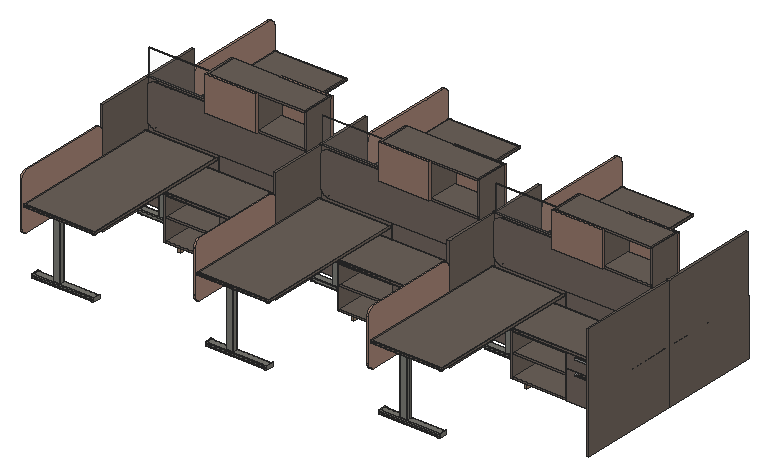
Revit family "T200210", category Furniture, Revit 2018 (continued)
Definition of nested family "STAKS FROSTED ACRYLIC PRIVACY PANEL"
  Types (38): name | Width | Model | Height From Floor | Height | Description
    STAKS FROSTED ACRYLIC PRIVACY PANEL 46 x 13 | 3' - 10" | "6-PVPA-46/13" | 4' - 11" | 1' - 1" | "OFS STAKS FROSTED ACRYLIC PRIVACY PANEL 46 x 13, Recessed 1.5\" Inside Wall Panel"
    STAKS FROSTED ACRYLIC PRIVACY PANEL 47 x 13 | 3' - 11" | "6-PVPA-47/13" | 4' - 11" | 1' - 1" | "OFS STAKS FROSTED ACRYLIC PRIVACY PANEL 47 x 13, Recessed 1.5\" Inside Wall Panel"
    STAKS FROSTED ACRYLIC PRIVACY PANEL 48 x 13 | 4' - 0" | "6-PVPA-48/13" | 4' - 11" | 1' - 1" | "OFS STAKS FROSTED ACRYLIC PRIVACY PANEL 48 x 13, Recessed 1.5\" Inside Wall Panel"
    STAKS FROSTED ACRYLIC PRIVACY PANEL 51 x 13 | 4' - 3" | "6-PVPA-51/13" | 4' - 11" | 1' - 1" | "OFS STAKS FROSTED ACRYLIC PRIVACY PANEL 51 x 13, Recessed 1.5\" Inside Wall Panel"
    STAKS FROSTED ACRYLIC PRIVACY PANEL 53 x 13 | 4' - 5" | "6-PVPA-53/13" | 4' - 11" | 1' - 1" | "OFS STAKS FROSTED ACRYLIC PRIVACY PANEL 53 x 13, Recessed 1.5\" Inside Wall Panel"
    STAKS FROSTED ACRYLIC PRIVACY PANEL 55 x 13 | 4' - 7" | "6-PVPA-55/13" | 4' - 11" | 1' - 1" | "OFS STAKS FROSTED ACRYLIC PRIVACY PANEL 55 x 13, Recessed 1.5\" Inside Wall Panel"
    STAKS FROSTED ACRYLIC PRIVACY PANEL 57 x 13 | 4' - 9" | "6-PVPA-57/13" | 4' - 11" | 1' - 1" | "OFS STAKS FROSTED ACRYLIC PRIVACY PANEL 57 x 13, Recessed 1.5\" Inside Wall Panel"
    STAKS FROSTED ACRYLIC PRIVACY PANEL 58 x 13 | 4' - 10" | "6-PVPA-58/13" | 4' - 11" | 1' - 1" | "OFS STAKS FROSTED ACRYLIC PRIVACY PANEL 58 x 13, Recessed 1.5\" Inside Wall Panel"
  Reference planes (in)
    plane 1: z = 0
    plane 2 "Center (Front/Back)": y = 2.75035
    plane 3 "LEFT": x = -28
    plane 4 "BASE TOP": z = 56
    plane 5 "RIGHT": x = -5
    plane 6: z = 46
    plane 7: y = 2.87535
    plane 8 "CENTER": x = -16.5
    plane 9: y = 2.62535
  Forms (in)
    Extrusion 1, solid, material <- "Shelf Material"
      sketch origin (0, 2.75035, 0) x (1, 0, 0) y (0, 0, 1)
        loop
          line (-28, 56) -> (-28, 46) -> (-5, 46) -> (-5, 56) -> (-28, 56)
      from -0.125 to 0.125
  Dimensions and locks (in)
    "Height From Floor": plane 4 "BASE TOP" to plane 1
    "Height": plane 4 "BASE TOP" to plane 6
    equal spacing: plane 3 "LEFT", plane 8 "CENTER", plane 5 "RIGHT"
    equal spacing: plane 9, plane 2 "Center (Front/Back)", plane 7
    "Width": plane 3 "LEFT" to plane 5 "RIGHT"
    "Depth": plane 9 to plane 7
    aligned and locked: level to plane 1
    aligned and locked: Extrusion 1 sketch curve to plane 4 "BASE TOP"
    aligned and locked: plane 3 "LEFT" to Extrusion 1 sketch curve
    aligned and locked: Extrusion 1 sketch curve to plane 6
    aligned and locked: Extrusion 1 sketch curve to plane 5 "RIGHT"
    aligned and locked: Extrusion 1 to plane 7
    aligned and locked: plane 9 to Extrusion 1
Definition of nested family "STAKS I-BEAM SUPPORTS"
  Parameters (values of type "STAKS I-BEAM SUPPORT 16")
    URL = "http://www.ofs.com/"
    Cushion Thickness = 0' - 3 1/2"
    Support Material = none
    Model = "6-RSR-16/16"
    Manufacturer = "OFS"
    Height = 0' - 0"
    Description = "OFS STAKS I-BEAM SUPPORT 16\" Width, x 16\" Depth, Allows for Ideal Position Facilitating a Balanced Leg Design"
    Width = 1' - 4"
    Depth = 1' - 4"
    Copyright © = "© 2018 OFS"
    Catalog = "https://ofs.com/products/casegoods/private-office/staks"
    Authoring Version = "Autodesk Revit Architecture 2013"
    Assembly Code = "E2020200"
  Types (12): name | Model | Description | Width
    STAKS I-BEAM SUPPORT 16 | "6-RSR-16/16" | "OFS STAKS I-BEAM SUPPORT 16\" Width, x 16\" Depth, Allows for Ideal Position Facilitating a Balanced Leg Design" | 1' - 4"
    STAKS I-BEAM SUPPORT 22 | "6-RSR-22/16" | "OFS STAKS I-BEAM SUPPORT 22\" Width, x 16\" Depth, Allows for Ideal Position Facilitating a Balanced Leg Design" | 1' - 10"
    STAKS I-BEAM SUPPORT 28 | "6-RSR-28/16" | "OFS STAKS I-BEAM SUPPORT 28\" Width, x 16\" Depth, Allows for Ideal Position Facilitating a Balanced Leg Design" | 2' - 4"
    STAKS I-BEAM SUPPORT 40 | "6-RSR-40/16" | "OFS STAKS I-BEAM SUPPORT 40\" Width, x 16\" Depth, Allows for Ideal Position Facilitating a Balanced Leg Design" | 3' - 4"
    STAKS I-BEAM SUPPORT 42 | "6-RSR-42/16" | "OFS STAKS I-BEAM SUPPORT 42\" Width, x 16\" Depth, Allows for Ideal Position Facilitating a Balanced Leg Design" | 3' - 6"
    STAKS I-BEAM SUPPORT 48 | "6-RSR-48/16" | "OFS STAKS I-BEAM SUPPORT 48\" Width, x 16\" Depth, Allows for Ideal Position Facilitating a Balanced Leg Design" | 4' - 0"
    STAKS I-BEAM SUPPORT 52 | "6-RSR-52/16" | "OFS STAKS I-BEAM SUPPORT 52\" Width, x 16\" Depth, Allows for Ideal Position Facilitating a Balanced Leg Design" | 4' - 4"
    STAKS I-BEAM SUPPORT 62 | "6-RSR-62/16" | "OFS STAKS I-BEAM SUPPORT 62\" Width, x 16\" Depth, Allows for Ideal Position Facilitating a Balanced Leg Design" | 5' - 2"
    STAKS I-BEAM SUPPORT 64 | "6-RSR-64/16" | "OFS STAKS I-BEAM SUPPORT 64\" Width, x 16\" Depth, Allows for Ideal Position Facilitating a Balanced Leg Design" | 5' - 4"
    STAKS I-BEAM SUPPORT 70 | "6-RSR-70/16" | "OFS STAKS I-BEAM SUPPORT 70\" Width, x 16\" Depth, Allows for Ideal Position Facilitating a Balanced Leg Design" | 5' - 10"
    STAKS I-BEAM SUPPORT 76 | "6-RSR-76/16" | "OFS STAKS I-BEAM SUPPORT 76\" Width, x 16\" Depth, Allows for Ideal Position Facilitating a Balanced Leg Design" | 6' - 4"
    STAKS I-BEAM SUPPORT 82 | "6-RSR-82/16" | "OFS STAKS I-BEAM SUPPORT 82\" Width, x 16\" Depth, Allows for Ideal Position Facilitating a Balanced Leg Design" | 6' - 10"
  Reference planes (in)
    plane 1: z = 0
    plane 2 "Right": x = 20.97711
    plane 3: x = 12.97711
    plane 4: y = 8.62535
    plane 5: y = 4.00035
    plane 6: y = 20.00035
    plane 7: x = 28.97711
    plane 8: y = 15.37535
    plane 9: z = 0
    plane 10: z = 3.5
    plane 11: x = 13.97711
    plane 12: x = 27.97711
    plane 13: y = 14.37535
    plane 14: y = 9.62535
  Forms (in)
    Extrusion 1, solid, material <- "Support Material"
      sketch origin (0, 0, 0) x (1, 0, 0) y (0, 1, 0)
        loop
          line (13.97711, 15.37535) -> (13.97711, 20.00035) -> (12.97711, 20.00035) -> (12.97711, 4.00035) -> (13.97711, 4.00035) -> (13.97711, 8.62535) -> (27.97711, 8.62535) -> (27.97711, 4.00035) -> (28.97711, 4.00035) -> (28.97711, 20.00035) -> (27.97711, 20.00035) -> (27.97711, 15.37535) -> (13.97711, 15.37535)
        loop
          line (13.97711, 14.37535) -> (13.97711, 9.62535) -> (27.97711, 9.62535) -> (27.97711, 14.37535) -> (13.97711, 14.37535)
      from 0 to 3.5
  Dimensions and locks (in)
    plane 5 to plane 4 to plane 14 = 0' - 4 5/8" locked, 0' - 1" locked
    "Width": plane 3 to plane 7
    equal spacing: plane 3, plane 2 "Right", plane 7
    plane 13 to plane 8 to plane 6 = 0' - 1" locked, 0' - 4 5/8" locked
    "Depth": plane 5 to plane 6
    "Cushion Thickness": plane 10 to plane 9
    "Height": plane 9 to level
    locked: plane 3 to plane 11 at 1
    locked: plane 12 to plane 7 at 1
    aligned and locked: level to plane 1
    aligned and locked: plane 8 to Extrusion 1 sketch curve
    aligned and locked: plane 13 to Extrusion 1 sketch curve
    aligned and locked: Extrusion 1 sketch curve to plane 12  (x2)
    aligned and locked: plane 6 to Extrusion 1 sketch curve  (x2)
    aligned and locked: Extrusion 1 sketch curve to plane 7
    aligned and locked: plane 12 to Extrusion 1 sketch curve
    aligned and locked: Extrusion 1 sketch curve to plane 4
    aligned and locked: Extrusion 1 sketch curve to plane 11  (x2)
    aligned and locked: Extrusion 1 sketch curve to plane 5
    aligned and locked: plane 3 to Extrusion 1 sketch curve
    aligned and locked: plane 11 to Extrusion 1 sketch curve
    aligned and locked: plane 14 to Extrusion 1 sketch curve
    aligned and locked: plane 10 to Extrusion 1
    aligned and locked: Extrusion 1 to plane 9
  Automatic sketch dimensions
    plane 5 to Extrusion 1 sketch curve = 0' - 0"
Definition of nested family "STAKS LOW HEIGHT OPEN SHELF PEDESTAL - WITH RISER SUPPORT"
  Parameters (values of type "STAKS LOW HEIGHT OPEN SHELF PEDESTAL - WITH RISER SUPPORT 24 x 19")
    URL = "http://www.ofs.com/"
    Riser Support = 0' - 3 1/2"
    Model = "6-RL2419MPD6"
    Manufacturer = "OFS"
    Height = 1' - 6 3/8"
    Drawer Material = none
    Drawer Handle Width = 0' - 5.2495"
    Drawer Handle Material = none
    Description = "OFS STAKS LOW HEIGHT OPEN SHELF PEDESTAL - WITH RISER SUPPORT 24\"W x 19\" D, One Adjustable Shelf, One Stationary Shelf, Use with 22\"D Worksurfaces"
    Width = 2' - 0"
    Depth = 1' - 7 3/8"
    DH2 = 0' - 6 1/2"
    DH1 = 0' - 10"
    Copyright © = "© 2018 OFS"
    Chasis Material = none
    Catalog = "https://ofs.com/products/casegoods/private-office/staks"
    Board Thickness = 0' - 0 3/4"
    Authoring Version = "Autodesk Revit Architecture 2013"
    Assembly Code = "E2020200"
  Types (6): name | Model | Drawer Handle Width | Description | Width | Depth
    STAKS LOW HEIGHT OPEN SHELF PEDESTAL - WITH RISER SUPPORT 24 x 19 | "6-RL2419MPD6" | 0' - 5.2495" | "OFS STAKS LOW HEIGHT OPEN SHELF PEDESTAL - WITH RISER SUPPORT 24\"W x 19\" D, One Adjustable Shelf, One Stationary Shelf, Use with 22\"D Worksurfaces" | 2' - 0" | 1' - 7 3/8"
    STAKS LOW HEIGHT OPEN SHELF PEDESTAL - WITH RISER SUPPORT 24 x 22 | "6-RL2422MPD6" | 0' - 5 1/4" | "OFS STAKS LOW HEIGHT OPEN SHELF PEDESTAL - WITH RISER SUPPORT 24\"W x 22\" D, One Adjustable Shelf, One Stationary Shelf, Use with 22\"D Worksurfaces" | 2' - 0" | 1' - 9 7/8"
    STAKS LOW HEIGHT OPEN SHELF PEDESTAL - WITH RISER SUPPORT 30 x 19 | "6-RL3019MPD6" | 0' - 5 1/4" | "OFS STAKS LOW HEIGHT OPEN SHELF PEDESTAL - WITH RISER SUPPORT 30\"W x 19\" D, One Adjustable Shelf, One Stationary Shelf, Use with 22\"D Worksurfaces" | 2' - 6" | 1' - 7 3/8"
    STAKS LOW HEIGHT OPEN SHELF PEDESTAL - WITH RISER SUPPORT 30 x 22 | "6-RL3022MPD6" | 0' - 5 1/4" | "OFS STAKS LOW HEIGHT OPEN SHELF PEDESTAL - WITH RISER SUPPORT 30\"W x 22\" D, One Adjustable Shelf, One Stationary Shelf, Use with 22\"D Worksurfaces" | 2' - 6" | 1' - 9 7/8"
    STAKS LOW HEIGHT OPEN SHELF PEDESTAL - WITH RISER SUPPORT 36 x 22 | "6-RL3622MPD6" | 0' - 5 1/4" | "OFS STAKS LOW HEIGHT OPEN SHELF PEDESTAL - WITH RISER SUPPORT 36\"W x 22\" D, One Adjustable Shelf, One Stationary Shelf, Use with 22\"D Worksurfaces" | 3' - 0" | 1' - 9 7/8"
    STAKS LOW HEIGHT OPEN SHELF PEDESTAL - WITH RISER SUPPORT 36 x 19 | "6-RL2419MPD6" | 0' - 5 1/4" | "OFS STAKS LOW HEIGHT OPEN SHELF PEDESTAL - WITH RISER SUPPORT 36\"W x 19\" D, One Adjustable Shelf, One Stationary Shelf, Use with 22\"D Worksurfaces" | 3' - 0" | 1' - 7 3/8"
  Reference planes (in)
    plane 1: z = 0
    plane 2 "Right": x = 20.97711
    plane 3: z = 21.875
    plane 4: z = 13.5
    plane 5: z = 13.375
    plane 6: z = 3.5
    plane 7: z = 13.125
    plane 8: z = 21.625
    plane 9: z = 12.656
    plane 10: z = 21.15625
    plane 11: x = 8.97711
    plane 12: y = 1.37535
    plane 13: y = 0.62535
    plane 14: x = 9.03961
    plane 15: x = 32.91411
    plane 16: x = 9.72711
    plane 17: y = 20.00035
    plane 18: x = 32.97711
    plane 19: x = 32.22711
    plane 20: y = -0.18715
    plane 21: y = -0.37465
    plane 22: z = 20
    plane 23: z = 19.875
    plane 24: z = 19.625
    plane 25: z = 19.156
    plane 26: z = 3.75
    plane 27: y = 19.25035
    plane 28: z = 4.25
    plane 29: y = 16.75035
    plane 30: y = 4.37535
    plane 31: y = 8.37535
    plane 32: y = 12.75035
    plane 33: y = 5.00035
    plane 34: y = 13.37535
    plane 35: z = 22
    plane 36: z = 20.375
    plane 37: x = 21.35211
    plane 38: x = 20.60211
    plane 39: x = 21.00836
    plane 40: x = 20.94586
    plane 41: x = 14.99274
    plane 42: x = 17.61749
    plane 43: x = 12.36799
    plane 44: x = 12.74299
    plane 45: x = 17.24249
    plane 46: x = 26.96124
    plane 47: x = 24.33649
    plane 48: x = 29.58599
    plane 49: x = 29.21099
    plane 50: x = 24.71149
  Forms (in)
    Extrusion 1, solid, material <- "Chasis Material"
      sketch origin (-3, -1.24965, 0) x (1, 0, 0) y (0, 0, 1)
        loop
          line (11.97711, 3.5) -> (12.72711, 3.5) -> (12.72711, 21.875) -> (11.97711, 21.875) -> (11.97711, 3.5)
      from -21.25 to -2.625
    Extrusion 2, solid, material <- "Chasis Material"
      sketch origin (19.35211, 31.02324, 0) x (0, 1, 0) y (0, 0, 1)
        loop
          line (-11.77289, 3.5) -> (-11.02289, 3.5) -> (-11.02289, 21.875) -> (-11.77289, 21.875) -> (-11.77289, 3.5)
      from -9.625 to 12.875
    Extrusion 3, solid, material <- "Chasis Material"
      sketch origin (0, 0, 0) x (1, 0, 0) y (0, 1, 0)
        loop
          line (32.97711, 20.00035) -> (32.22711, 20.00035) -> (32.22711, 1.37535) -> (32.97711, 1.37535) -> (32.97711, 20.00035)
      from 3.5 to 21.875
    Extrusion 4, solid, material <- "Chasis Material"
      sketch origin (-29.79592, -1.62465, 7.24693) x (1, 0, 0) y (0, 0, 1)
        loop
          line (39.52304, 13.90932) -> (62.02304, 13.90932) -> (62.02304, 14.62807) -> (39.52304, 14.62807) -> (39.52304, 13.90932)
      from -20.875 to -3
    Extrusion 5, solid, material <- "Chasis Material"
      sketch origin (-31.5409, -1.62465, -42.72261) x (1, 0, 0) y (0, 0, 1)
        loop
          line (41.26801, 46.22261) -> (63.76801, 46.22261) -> (63.76801, 46.97261) -> (41.26801, 46.97261) -> (41.26801, 46.22261)
      from -20.875 to -3
    Extrusion 6, solid
      sketch origin (0, 0, 0) x (1, 0, 0) y (0, 1, 0)
        loop
          line (9.03961, 20.00035) -> (9.03961, 1.62535) -> (32.91411, 1.62535) -> (32.91411, 20.00035) -> (9.03961, 20.00035)
        loop
          line (32.22711, 2.37535) -> (32.22711, 10.12535) -> (9.72711, 10.12535) -> (9.72711, 2.37535) -> (32.22711, 2.37535)
        loop
          line (32.22711, 10.75035) -> (32.22711, 19.25035) -> (9.72711, 19.25035) -> (9.72711, 10.75035) -> (32.22711, 10.75035)
      from 21.875 to 22
    Extrusion 7, solid, material <- "Chasis Material"
      sketch origin (41.95422, 1.87535, 0) x (-1, 0, 0) y (0, 0, -1)
        loop
          line (9.72711, -13.375) -> (32.22711, -13.375) -> (32.22711, -12.656) -> (9.72711, -12.656) -> (9.72711, -13.375)
      from -17.375 to 0.5
  Dimensions and locks (in)
    "Board Thickness": plane 13 to plane 12
    locked: plane 11 to plane 14 at 0.0625
    "Board Thickness": plane 11 to plane 16
    locked: plane 15 to plane 18 at 0.063
    "Width": plane 11 to plane 18
    Extrusion 3 sketch curve to plane 18 = 0' - 0 3/4"
    "Board Thickness": plane 19 to plane 18
    equal spacing: plane 11, plane 2 "Right", plane 18
    plane 21 to plane 20 to plane 13 = 0' - 0 3/16" locked, 0' - 0 13/16" locked
    "Riser Support": plane 6 to level
    "Height": plane 3 to plane 6
    "DH1": plane 4 to plane 6
    "DH2": plane 22 to plane 4
    locked: plane 26 to plane 6 at 0.25
    "Board Thickness": plane 27 to plane 17
    "Depth": plane 13 to plane 17
    plane 4 to plane 5 to plane 7 to plane 9 = 0' - 0 1/8" locked, 0' - 0 1/4" locked, 0' - 0.469" locked
    plane 22 to plane 23 to plane 24 to plane 25 = 0' - 0 1/8" locked, 0' - 0 1/4" locked, 0' - 0.469" locked
    plane 3 to plane 8 to plane 10 = 0' - 0 1/4" locked, 0' - 0 15/32" locked
    "Board Thickness": plane 28 to plane 6
    plane 12 to plane 30 to plane 31 = 0' - 3" locked, 0' - 4" locked
    plane 32 to plane 29 to plane 27 = 0' - 4" locked, 0' - 2 1/2" locked
    locked: plane 30 to plane 33 at 0.625
    locked: plane 32 to plane 34 at 0.625
    locked: plane 35 to plane 3 at 0.125
    "Board Thickness": plane 36 to plane 24
    equal spacing: plane 38, plane 2 "Right", plane 37
    "Board Thickness": plane 38 to plane 37
    equal spacing: plane 40, plane 2 "Right", plane 39
    equal spacing: plane 14, plane 41, plane 40
    equal spacing: plane 43, plane 41, plane 42
    "Drawer Handle Width": plane 43 to plane 42
    locked: plane 43 to plane 44 at 0.375
    locked: plane 45 to plane 42 at 0.375
    equal spacing: plane 15, plane 46, plane 39
    equal spacing: plane 48, plane 46, plane 47
    "Drawer Handle Width": plane 48 to plane 47
    locked: plane 48 to plane 49 at 0.375
    locked: plane 50 to plane 47 at 0.375
    aligned and locked: level to plane 1
    aligned and locked: plane 12 to Extrusion 1
    aligned and locked: Extrusion 1 to plane 17
    aligned and locked: Extrusion 2 to plane 16
    aligned and locked: plane 16 to Extrusion 1
    aligned and locked: Extrusion 1 to plane 11
    aligned and locked: Extrusion 2 to plane 17
    aligned and locked: plane 19 to Extrusion 2
    aligned and locked: plane 3 to Extrusion 1
    aligned and locked: plane 3 to Extrusion 2
    aligned and locked: Extrusion 3 to plane 19
    aligned and locked: plane 3 to Extrusion 3
    aligned and locked: Extrusion 3 to plane 6
    aligned and locked: plane 3 to Extrusion 4
    aligned and locked: Extrusion 4 to plane 10
    aligned and locked: plane 19 to Extrusion 4
    aligned and locked: Extrusion 4 to plane 16
    aligned and locked: plane 28 to Extrusion 5
    aligned and locked: Extrusion 5 to plane 6
    aligned and locked: Extrusion 5 to plane 27
    aligned and locked: plane 12 to Extrusion 5
    aligned and locked: plane 19 to Extrusion 5
    aligned and locked: Extrusion 5 to plane 16
    aligned and locked: Extrusion 6 to plane 3
    aligned and locked: plane 35 to Extrusion 6
    aligned and locked: Extrusion 4 to plane 27
    aligned and locked: plane 12 to Extrusion 4
    aligned and locked: Extrusion 7 to plane 9
    aligned and locked: plane 5 to Extrusion 7
    aligned and locked: plane 19 to Extrusion 7
    aligned and locked: Extrusion 7 to plane 27
    aligned and locked: plane 12 to Extrusion 7
    aligned and locked: Extrusion 6 sketch curve to plane 17
    aligned and locked: Extrusion 6 sketch curve to plane 27
    aligned and locked: plane 16 to Extrusion 6 sketch curve
    aligned and locked: plane 19 to Extrusion 6 sketch curve
    aligned and locked: Extrusion 2 to plane 6
    aligned and locked: Extrusion 1 to plane 6
    aligned and locked: Extrusion 7 to plane 16
  Automatic sketch dimensions
    level to Extrusion 1 sketch curve = 0' - 3 1/2"
    Extrusion 1 sketch curve to plane 11 = 0' - 0"
    Extrusion 1 sketch curve to plane 3 = 0' - 0"
    Extrusion 1 sketch curve to plane 16 = 0' - 0"
    level to Extrusion 2 sketch curve = 0' - 3 1/2"
    Extrusion 2 sketch curve to plane 3 = 0' - 0"
    Extrusion 2 sketch curve to plane 17 = 0' - 0"
    plane 27 to Extrusion 2 sketch curve = 0' - 0"
    plane 12 to Extrusion 3 sketch curve = 0' - 0"
    Extrusion 3 sketch curve to plane 18 = 0' - 0"
    plane 17 to Extrusion 3 sketch curve = 0' - 0"
    Extrusion 4 sketch curve to plane 10 = 0' - 0"
    Extrusion 4 sketch curve to plane 16 = 0' - 0"
    Extrusion 4 sketch curve to plane 3 = 0' - 0"
    Extrusion 4 sketch curve to plane 19 = 0' - 0"
    level to Extrusion 5 sketch curve = 0' - 3 1/2"
    Extrusion 5 sketch curve to plane 16 = 0' - 0"
    Extrusion 5 sketch curve to plane 19 = 0' - 0"
    Extrusion 5 sketch curve to plane 28 = 0' - 0"
    Extrusion 7 sketch curve to plane 9 = 0' - 0"
    Extrusion 7 sketch curve to plane 19 = 0' - 0"
    Extrusion 7 sketch curve to plane 37 = 0' - 11 5/8"
    Extrusion 7 sketch curve to plane 5 = 0' - 0"
    Extrusion 6 sketch curve to plane 14 = 0' - 0"
    Extrusion 6 sketch curve to plane 16 = 0' - 0"
    Extrusion 6 sketch curve to plane 19 = 0' - 0"
    Extrusion 6 sketch curve to plane 15 = 0' - 0"
    plane 32 to Extrusion 6 sketch curve = 0' - 2 5/8"
    plane 34 to Extrusion 6 sketch curve = 0' - 2 5/8"
    Extrusion 6 sketch curve to plane 13 = 0' - 1"
    Extrusion 6 sketch curve to plane 12 = 0' - 1"
Definition of nested family "STAKS LOW HEIGHT PEDESTAL WIDE - BOX-FILE - WITH RISER SUPPORT"
  Parameters (values of type "STAKS LOW HEIGHT PEDESTAL WIDE - BOX-FILE - WITH RISER SUPPORT 24in W x 19in D")
    URL = "http://www.ofs.com/"
    Riser Support = 0' - 3 1/2"
    Model = "6-RL2419MPD11"
    Manufacturer = "OFS"
    Height = 1' - 6 3/8"
    Drawer Material = none
    Drawer Handle Width = 1' - 3 1/8"
    Drawer Handle Material = none
    Description = "OFS STAKS LOW HEIGHT PEDESTAL WIDE - BOX-FILE - WITH RISER SUPPORT 24\" Width, 19\" Depth, One Box Drawer, One File Drawer, Use with 22\"D Worksurfaces"
    Width = 2' - 0"
    Depth = 1' - 7 3/8"
    DH2 = 0' - 6 1/2"
    DH1 = 1' - 0 3/8"
    Copyright © = "© 2018 OFS"
    Chasis Material = none
    Catalog = "https://ofs.com/products/casegoods/private-office/staks"
    Board Thickness = 0' - 0 3/4"
    Authoring Version = "Autodesk Revit Architecture 2013"
    Assembly Code = "E2020200"
  Types (6): name | Model | Description | Width | Depth
    STAKS LOW HEIGHT PEDESTAL WIDE - BOX-FILE - WITH RISER SUPPORT 24in W x 19in D | "6-RL2419MPD11" | "OFS STAKS LOW HEIGHT PEDESTAL WIDE - BOX-FILE - WITH RISER SUPPORT 24\" Width, 19\" Depth, One Box Drawer, One File Drawer, Use with 22\"D Worksurfaces" | 2' - 0" | 1' - 7 3/8"
    STAKS LOW HEIGHT PEDESTAL WIDE - BOX-FILE - WITH RISER SUPPORT 24in W x 22in D | "6-RL2422MPD11" | "OFS STAKS LOW HEIGHT PEDESTAL WIDE - BOX-FILE - WITH RISER SUPPORT 24\" Width, 22\" Depth, One Box Drawer, One File Drawer, Use with 22\"D Worksurfaces" | 2' - 0" | 1' - 9 7/8"
    STAKS LOW HEIGHT PEDESTAL WIDE - BOX-FILE - WITH RISER SUPPORT 30in W x 19in D | "6-RL3019MPD11" | "OFS STAKS LOW HEIGHT PEDESTAL WIDE - BOX-FILE - WITH RISER SUPPORT 30\" Width, 19\" Depth, One Box Drawer, One File Drawer, Use with 22\"D Worksurfaces" | 2' - 6" | 1' - 7 3/8"
    STAKS LOW HEIGHT PEDESTAL WIDE - BOX-FILE - WITH RISER SUPPORT 30in W x 22in D | "6-RL3022MPD11" | "OFS STAKS LOW HEIGHT PEDESTAL WIDE - BOX-FILE - WITH RISER SUPPORT 30\" Width, 22\" Depth, One Box Drawer, One File Drawer, Use with 22\"D Worksurfaces" | 2' - 6" | 1' - 9 7/8"
    STAKS LOW HEIGHT PEDESTAL WIDE - BOX-FILE - WITH RISER SUPPORT 36in W x 19in D | "6-RL3619MPD11" | "OFS STAKS LOW HEIGHT PEDESTAL WIDE - BOX-FILE - WITH RISER SUPPORT 36\" Width, 19\" Depth, One Box Drawer, One File Drawer, Use with 22\"D Worksurfaces" | 3' - 0" | 1' - 7 3/8"
    STAKS LOW HEIGHT PEDESTAL WIDE - BOX-FILE - WITH RISER SUPPORT 36in W x 22in D | "6-RL3622MPD11" | "OFS STAKS LOW HEIGHT PEDESTAL WIDE - BOX-FILE - WITH RISER SUPPORT 36\" Width, 22\" Depth, One Box Drawer, One File Drawer, Use with 22\"D Worksurfaces" | 3' - 0" | 1' - 9 7/8"
  Reference planes (in)
    plane 1: z = 0
    plane 2 "Right": x = 20.97711
    plane 3: z = 21.875
    plane 4: z = 15.875
    plane 5: z = 15.75
    plane 6: z = 3.5
    plane 7: z = 15.5
    plane 8: z = 21.625
    plane 9: z = 15.031
    plane 10: z = 21.15625
    plane 11: x = 8.97711
    plane 12: y = 1.37535
    plane 13: y = 0.62535
    plane 14: x = 9.03961
    plane 15: x = 32.91411
    plane 16: x = 9.72711
    plane 17: y = 20.00035
    plane 18: x = 32.97711
    plane 19: x = 32.22711
    plane 20: x = 13.41461
    plane 21: x = 13.78961
    plane 22: x = 28.53961
    plane 23: x = 28.16461
    plane 24: y = -0.18715
    plane 25: y = -0.37465
    plane 26: z = 3.75
    plane 27: y = 19.25035
    plane 28: z = 4.25
    plane 29: y = 16.75035
    plane 30: y = 4.37535
    plane 31: y = 8.37535
    plane 32: y = 12.75035
    plane 33: y = 5.00035
    plane 34: y = 13.37535
    plane 35: z = 22
  Forms (in)
    Extrusion 1, solid, material <- "Drawer Material"
      sketch origin (20.35211, 5, -13.1802) x (0, 1, 0) y (0, 0, 1)
        loop
          line (-4.37465, 28.9302) -> (-4.37465, 16.9302) -> (-3.62465, 16.9302) -> (-3.62465, 28.9302) -> (-4.37465, 28.9302)
      from -11.3125 to 12.562
    Extrusion 2, solid, material <- "Drawer Material"
      sketch origin (20.35211, 2.25, -7.68015) x (0, 1, 0) y (0, 0, 1)
        loop
          line (-1.62465, 29.55515) -> (-1.62465, 23.55515) -> (-0.87465, 23.55515) -> (-0.87465, 29.55515) -> (-1.62465, 29.55515)
      from -11.3125 to 12.562
    Extrusion 3, solid, material <- "Chasis Material"
      sketch origin (-3, -1.24965, 0) x (1, 0, 0) y (0, 0, 1)
        loop
          line (11.97711, 3.5) -> (12.72711, 3.5) -> (12.72711, 21.875) -> (11.97711, 21.875) -> (11.97711, 3.5)
      from -21.25 to -2.625
    Extrusion 4, solid, material <- "Chasis Material"
      sketch origin (19.35211, 31.02324, 0) x (0, 1, 0) y (0, 0, 1)
        loop
          line (-11.77289, 3.5) -> (-11.02289, 3.5) -> (-11.02289, 21.875) -> (-11.77289, 21.875) -> (-11.77289, 3.5)
      from -9.625 to 12.875
    Extrusion 5, solid, material <- "Drawer Handle Material"
      sketch origin (9, 0, 9.60933) x (1, 0, 0) y (0, 1, 0)
        loop
          line (4.41461, 0.62535) -> (4.41461, -0.37465) -> (19.53961, -0.37465) -> (19.53961, 0.62535) -> (19.16461, 0.62535) -> (19.16461, -0.18715) -> (4.78961, -0.18715) -> (4.78961, 0.62535) -> (4.41461, 0.62535)
      from 5.42167 to 5.89067
    Extrusion 6, solid, material <- "Drawer Handle Material"
      sketch origin (9, 0, 20.67137) x (1, 0, 0) y (0, 1, 0)
        loop
          line (4.41461, 0.62535) -> (4.41461, -0.37465) -> (19.53961, -0.37465) -> (19.53961, 0.62535) -> (19.16461, 0.62535) -> (19.16461, -0.18715) -> (4.78961, -0.18715) -> (4.78961, 0.62535) -> (4.41461, 0.62535)
      from 0.48488 to 0.95363
    Extrusion 7, solid, material <- "Chasis Material"
      sketch origin (0, 0, 0) x (1, 0, 0) y (0, 1, 0)
        loop
          line (32.97711, 20.00035) -> (32.22711, 20.00035) -> (32.22711, 1.37535) -> (32.97711, 1.37535) -> (32.97711, 20.00035)
      from 3.5 to 21.875
    Extrusion 8, solid, material <- "Chasis Material"
      sketch origin (-29.79592, -7.12465, 7.24693) x (1, 0, 0) y (0, 0, 1)
        loop
          line (39.52304, 13.90932) -> (62.02304, 13.90932) -> (62.02304, 14.62807) -> (39.52304, 14.62807) -> (39.52304, 13.90932)
      from -26.375 to -8.5
    Extrusion 9, solid, material <- "Chasis Material"
      sketch origin (-31.5409, -1.62465, -42.72261) x (1, 0, 0) y (0, 0, 1)
        loop
          line (41.26801, 46.22261) -> (63.76801, 46.22261) -> (63.76801, 46.97261) -> (41.26801, 46.97261) -> (41.26801, 46.22261)
      from -20.875 to -3
    Extrusion 10, solid
      sketch origin (0, 0, 0) x (1, 0, 0) y (0, 1, 0)
        loop
          line (32.91411, 20.00035) -> (32.22711, 20.00035) -> (32.22711, 1.37535) -> (32.91411, 1.37535) -> (32.91411, 20.00035)
        loop
          line (9.03961, 20.00035) -> (9.03961, 1.37535) -> (9.72711, 1.37535) -> (9.72711, 20.00035) -> (9.03961, 20.00035)
      from 21.875 to 22
  Dimensions and locks (in)
    "Board Thickness": plane 13 to plane 12
    locked: plane 11 to plane 14 at 0.0625
    "Board Thickness": plane 11 to plane 16
    locked: plane 15 to plane 18 at 0.063
    "Width": plane 11 to plane 18
    Extrusion 7 sketch curve to plane 18 = 0' - 0 3/4"
    "Board Thickness": plane 19 to plane 18
    equal spacing: plane 11, plane 2 "Right", plane 18
    locked: plane 20 to plane 21 at 0.375
    locked: plane 23 to plane 22 at 0.375
    equal spacing: plane 20, plane 2 "Right", plane 22
    "Drawer Handle Width": plane 20 to plane 22
    plane 25 to plane 24 to plane 13 = 0' - 0 3/16" locked, 0' - 0 13/16" locked
    "Riser Support": plane 6 to level
    "Height": plane 3 to plane 6
    "DH1": plane 4 to plane 6
    locked: plane 26 to plane 6 at 0.25
    "Board Thickness": plane 27 to plane 17
    "Depth": plane 13 to plane 17
    plane 4 to plane 5 to plane 7 to plane 9 = 0' - 0 1/8" locked, 0' - 0 1/4" locked, 0' - 0.469" locked
    plane 3 to plane 8 to plane 10 = 0' - 0 1/4" locked, 0' - 0 15/32" locked
    "Board Thickness": plane 28 to plane 6
    plane 12 to plane 30 to plane 31 = 0' - 3" locked, 0' - 4" locked
    plane 32 to plane 29 to plane 27 = 0' - 4" locked, 0' - 2 1/2" locked
    locked: plane 30 to plane 33 at 0.625
    locked: plane 32 to plane 34 at 0.625
    locked: plane 35 to plane 3 at 0.125
    aligned and locked: level to plane 1
    aligned and locked: Extrusion 1 to plane 14
    aligned and locked: plane 15 to Extrusion 1
    aligned and locked: Extrusion 2 to plane 12
    aligned and locked: plane 13 to Extrusion 2
    aligned and locked: plane 15 to Extrusion 2
    aligned and locked: Extrusion 2 to plane 14
    aligned and locked: plane 12 to Extrusion 3
    aligned and locked: Extrusion 3 to plane 17
    aligned and locked: Extrusion 4 to plane 16
    aligned and locked: plane 16 to Extrusion 3
    aligned and locked: Extrusion 3 to plane 11
    aligned and locked: Extrusion 4 to plane 17
    aligned and locked: Extrusion 1 sketch curve to plane 12
    aligned and locked: plane 13 to Extrusion 1 sketch curve
    aligned and locked: plane 19 to Extrusion 4
    aligned and locked: plane 3 to Extrusion 3
    aligned and locked: Extrusion 6 to plane 22
    aligned and locked: Extrusion 5 to plane 22
    aligned and locked: plane 23 to Extrusion 6
    aligned and locked: plane 23 to Extrusion 5
    aligned and locked: plane 21 to Extrusion 6
    aligned and locked: plane 21 to Extrusion 5
    aligned and locked: Extrusion 6 to plane 20
    aligned and locked: Extrusion 5 to plane 20
    aligned and locked: plane 24 to Extrusion 6
    aligned and locked: plane 7 to Extrusion 5
    aligned and locked: Extrusion 5 to plane 9
    aligned and locked: plane 3 to Extrusion 4
    aligned and locked: Extrusion 1 to plane 26
    aligned and locked: Extrusion 7 to plane 19
    aligned and locked: plane 3 to Extrusion 7
    aligned and locked: Extrusion 7 to plane 6
    aligned and locked: plane 3 to Extrusion 8
    aligned and locked: Extrusion 8 to plane 10
    aligned and locked: plane 28 to Extrusion 9
    aligned and locked: Extrusion 9 to plane 6
    aligned and locked: Extrusion 9 to plane 27
    aligned and locked: plane 12 to Extrusion 9
    aligned and locked: plane 19 to Extrusion 9
    aligned and locked: Extrusion 9 to plane 16
    aligned and locked: Extrusion 10 to plane 3
    aligned and locked: plane 35 to Extrusion 10
    aligned and locked: plane 3 to Extrusion 2
    aligned and locked: plane 8 to Extrusion 6
    aligned and locked: Extrusion 6 to plane 10
    aligned and locked: Extrusion 8 to plane 27
    aligned and locked: plane 12 to Extrusion 8
  Automatic sketch dimensions
    Extrusion 1 sketch curve to plane 26 = 0' - 0"
    Extrusion 1 sketch curve to plane 5 = 0' - 0"
    Extrusion 2 sketch curve to plane 13 = 0' - 0"
    Extrusion 2 sketch curve to plane 4 = 0' - 0"
    Extrusion 2 sketch curve to plane 12 = 0' - 0"
    Extrusion 3 sketch curve to plane 6 = 0' - 0"
    Extrusion 3 sketch curve to plane 11 = 0' - 0"
    Extrusion 3 sketch curve to plane 3 = 0' - 0"
    Extrusion 3 sketch curve to plane 16 = 0' - 0"
    Extrusion 4 sketch curve to plane 6 = 0' - 0"
    Extrusion 4 sketch curve to plane 3 = 0' - 0"
    Extrusion 4 sketch curve to plane 17 = 0' - 0"
    plane 27 to Extrusion 4 sketch curve = 0' - 0"
    plane 13 to Extrusion 5 sketch curve = 0' - 0"  (x2)
    Extrusion 5 sketch curve to plane 20 = 0' - 0"
    Extrusion 5 sketch curve to plane 21 = 0' - 0"
    Extrusion 5 sketch curve to plane 23 = 0' - 0"
    Extrusion 5 sketch curve to plane 22 = 0' - 0"
    plane 25 to Extrusion 5 sketch curve = 0' - 0"
    plane 24 to Extrusion 5 sketch curve = 0' - 0"
    plane 13 to Extrusion 6 sketch curve = 0' - 0"  (x2)
    Extrusion 6 sketch curve to plane 20 = 0' - 0"
    Extrusion 6 sketch curve to plane 21 = 0' - 0"
    Extrusion 6 sketch curve to plane 23 = 0' - 0"
    Extrusion 6 sketch curve to plane 22 = 0' - 0"
    plane 25 to Extrusion 6 sketch curve = 0' - 0"
    plane 24 to Extrusion 6 sketch curve = 0' - 0"
    plane 12 to Extrusion 7 sketch curve = 0' - 0"
    Extrusion 7 sketch curve to plane 18 = 0' - 0"
    plane 17 to Extrusion 7 sketch curve = 0' - 0"
    Extrusion 8 sketch curve to plane 10 = 0' - 0"
    Extrusion 8 sketch curve to plane 16 = 0' - 0"
    Extrusion 8 sketch curve to plane 3 = 0' - 0"
    Extrusion 8 sketch curve to plane 19 = 0' - 0"
    plane 14 to Extrusion 9 sketch curve = 0' - 0 11/16"
    Extrusion 9 sketch curve to plane 6 = 0' - 0"
    plane 6 to Extrusion 9 sketch curve = 0' - 0 3/4"
    Extrusion 9 sketch curve to plane 19 = 0' - 0"
    Extrusion 10 sketch curve to plane 14 = 0' - 0"
    Extrusion 10 sketch curve to plane 15 = 0' - 0"
    Extrusion 10 sketch curve to plane 13 = 0' - 0 3/4"  (x2)
    Extrusion 10 sketch curve to plane 19 = 0' - 0"
    plane 17 to Extrusion 10 sketch curve = 0' - 0"  (x2)
    plane 4 to Extrusion 2 sketch curve = 0' - 6"
    Extrusion 10 sketch curve to plane 16 = 0' - 0"
Definition of nested family "STAKS RECTANGULAR WORKSURFACES Worksurface Height"
  Parameters (values of type "STAKS RECTANGULAR WORKSURFACE 54 x 30")
    URL = "http://www.ofs.com/"
    Height Above Floor [instance] = 2' - 5"
    Height = 0' - 1 1/8"
    Depth = 2' - 6"
    Model = "6-MCT-54/30"
    Manufacturer = "OFS"
    Description = "OFS STAKS 54\" X 30\" RECTANGULAR WORKSURFACE For Worksurface or Low Height Applications, Short Grain"
    Width = 4' - 6"
    Copyright © = "© 2018 OFS"
    Catalog = "https://ofs.com/products/casegoods/private-office/staks"
    Authoring Version = "Autodesk Revit Architecture 2013"
    Assembly Code = "E2020200"
  Types (12): name | Depth | Model | Description | Width
    STAKS RECTANGULAR WORKSURFACE 60 x 30 | 2' - 6" | "6-MCT-60/30" | "OFS STAKS 60\" X 30\" RECTANGULAR WORKSURFACE For Worksurface or Low Height Applications, Short Grain" | 5' - 0"
    STAKS RECTANGULAR WORKSURFACE 66 x 30 | 2' - 6" | "6-MCT-66/30" | "OFS STAKS 66\" X 30\" RECTANGULAR WORKSURFACE For Worksurface or Low Height Applications, Short Grain" | 5' - 6"
    STAKS RECTANGULAR WORKSURFACE 72 x 30 | 2' - 6" | "6-MCT-72/30" | "OFS STAKS 72\" X 30\" RECTANGULAR WORKSURFACE For Worksurface or Low Height Applications, Short Grain" | 6' - 0"
    STAKS RECTANGULAR WORKSURFACE 78 x 30 | 2' - 6" | "6-MCT-78/30" | "OFS STAKS 78\" X 30\" RECTANGULAR WORKSURFACE For Worksurface or Low Height Applications, Short Grain" | 6' - 6"
    STAKS RECTANGULAR WORKSURFACE 84 x 30 | 2' - 6" | "6-MCT-84/30" | "OFS STAKS 84\" X 30\" RECTANGULAR WORKSURFACE For Worksurface or Low Height Applications, Short Grain" | 7' - 0"
    STAKS RECTANGULAR WORKSURFACE 96 x 30 | 2' - 6" | "6-MCT-96/30" | "OFS STAKS 96\" X 30\" RECTANGULAR WORKSURFACE For Worksurface or Low Height Applications, Short Grain" | 8' - 0"
    STAKS RECTANGULAR WORKSURFACE 54 x 30 | 2' - 6" | "6-MCT-54/30" | "OFS STAKS 54\" X 30\" RECTANGULAR WORKSURFACE For Worksurface or Low Height Applications, Short Grain" | 4' - 6"
    STAKS RECTANGULAR WORKSURFACE 60 x 36 | 3' - 0" | "6-MCT-60/36" | "OFS STAKS 60\" X 36\" RECTANGULAR WORKSURFACE For Worksurface or Low Height Applications, Short Grain" | 5' - 0"
    STAKS RECTANGULAR WORKSURFACE 66 x 36 | 3' - 0" | "6-MCT-66/36" | "OFS STAKS 66\" X 36\" RECTANGULAR WORKSURFACE For Worksurface or Low Height Applications, Short Grain" | 5' - 6"
    STAKS RECTANGULAR WORKSURFACE 72 x 36 | 3' - 0" | "6-MCT-72/36" | "OFS STAKS 72\" X 36\" RECTANGULAR WORKSURFACE For Worksurface or Low Height Applications, Short Grain" | 6' - 0"
    STAKS RECTANGULAR WORKSURFACE 78 x 36 | 3' - 0" | "6-MCT-78/36" | "OFS STAKS 78\" X 36\" RECTANGULAR WORKSURFACE For Worksurface or Low Height Applications, Short Grain" | 6' - 6"
    STAKS RECTANGULAR WORKSURFACE 84 x 36 | 3' - 0" | "6-MCT-84/36" | "OFS STAKS 84\" X 36\" RECTANGULAR WORKSURFACE For Worksurface or Low Height Applications, Short Grain" | 7' - 0"
  Reference planes (in)
    plane 1: z = -0.125
    plane 2 "LEFT": x = 7.55498
    plane 3 "RIGHT": x = 61.55498
    plane 4 "BACK": y = -1.83365
    plane 5 "FRONT": y = -31.83365
    plane 6: x = 7.67998
    plane 7: x = 61.42998
    plane 8: y = -1.95865
    plane 9: y = -31.70865
    plane 10: z = 27.75
    plane 11 "SURFACE TOP": z = 28.875
  Forms (in)
    Extrusion 1, solid
      sketch origin (0, 0, 17.125) x (-1, 0, 0) y (0, -1, 0)
        loop
          line (-7.67998, 1.95865) -> (-7.67998, 31.70865) -> (-61.42998, 31.70865) -> (-61.42998, 1.95865) -> (-7.67998, 1.95865)
      from 11.75 to 10.625
    Sweep 2, solid
      path origin (0, 0, 28.875) x (0, 1, 0) y (-1, 0, 0)
        loop
          line (-31.83365, -7.55498) -> (-31.83365, -61.55498) -> (-1.83365, -61.55498) -> (-1.83365, -7.55498) -> (-31.83365, -7.55498)
      profile origin (34.55498, -31.83365, 28.875) x (0, 1, 0) y (0, 0, 1)
        loop
          arc (0.125, 0) -> (0.03661, -0.03661) -> (0, -0.125) r 0.125
          line (0, -0.125) -> (0, -1)
          arc (0, -1) -> (0.03661, -1.08839) -> (0.125, -1.125) r 0.125
          line (0.125, -1.125) -> (0.125, 0)
  Lines and regions (in)
    Masking region 1
      outline origin (0, 0, 16.625) x (-1, 0, 0) y (0, -1, 0)
        loop
          line (-7.67998, 1.95865) -> (-7.55498, 1.83365) -> (-7.55498, 31.83365) -> (-7.67998, 31.70865) -> (-7.67998, 1.95865)
    Masking region 2
      outline origin (0, 0, 16.625) x (-1, 0, 0) y (0, -1, 0)
        loop
          line (-7.55498, 1.83365) -> (-7.67998, 1.95865) -> (-61.42998, 1.95865) -> (-61.55498, 1.83365) -> (-7.55498, 1.83365)
    Masking region 3
      outline origin (0, 0, 16.625) x (-1, 0, 0) y (0, -1, 0)
        loop
          line (-61.55498, 1.83365) -> (-61.42998, 1.95865) -> (-61.42998, 31.70865) -> (-61.55498, 31.83365) -> (-61.55498, 1.83365)
    Masking region 4
      outline origin (0, 0, 16.625) x (-1, 0, 0) y (0, -1, 0)
        loop
          line (-61.55498, 31.83365) -> (-61.42998, 31.70865) -> (-7.67998, 31.70865) -> (-7.55498, 31.83365) -> (-61.55498, 31.83365)
    Masking region 5
      outline origin (0, 0, 16.625) x (-1, 0, 0) y (0, -1, 0)
        loop
          line (-61.42998, 31.70865) -> (-61.42998, 1.95865) -> (-7.67998, 1.95865) -> (-7.67998, 31.70865) -> (-61.42998, 31.70865)
  Dimensions and locks (in)
    "Depth": plane 4 "BACK" to plane 5 "FRONT"
    "Width": plane 2 "LEFT" to plane 3 "RIGHT"
    "Height": plane 11 "SURFACE TOP" to plane 10
    locked: plane 4 "BACK" to plane 8 at 0.125
    locked: plane 2 "LEFT" to plane 6 at 0.125
    locked: plane 7 to plane 3 "RIGHT" at 0.125
    locked: plane 9 to plane 5 "FRONT" at 0.125
    "Height Above Floor": plane 11 "SURFACE TOP" to level
    aligned: level to plane 1
    aligned and locked: plane 8 to Extrusion 1 sketch curve
    aligned and locked: Extrusion 1 sketch curve to plane 6
    aligned and locked: Extrusion 1 sketch curve to plane 9
    aligned and locked: plane 7 to Extrusion 1 sketch curve
    aligned and locked: plane 11 "SURFACE TOP" to Extrusion 1
    aligned and locked: Extrusion 1 to plane 10
    aligned and locked: Sweep 2 sketch curve to plane 5 "FRONT"
    aligned and locked: Sweep 2 sketch curve to plane 2 "LEFT"
    aligned and locked: plane 4 "BACK" to Sweep 2 sketch curve
    aligned and locked: plane 3 "RIGHT" to Sweep 2 sketch curve
  Automatic sketch dimensions
    Masking region 1 sketch curve to plane 6 = 0' - 0"
    Masking region 1 sketch curve to plane 2 "LEFT" = 0' - 0"
    Masking region 1 sketch curve to plane 4 "BACK" = 0' - 0"
    Masking region 1 sketch curve to plane 8 = 0' - 0"
    Masking region 1 sketch curve to plane 9 = 0' - 0"
    Masking region 1 sketch curve to plane 5 "FRONT" = 0' - 0"
    Masking region 2 sketch curve to plane 3 "RIGHT" = 0' - 0"
    Masking region 2 sketch curve to plane 7 = 0' - 0"
    Masking region 2 sketch curve to plane 6 = 0' - 0"
    Masking region 2 sketch curve to plane 2 "LEFT" = 0' - 0"
    Masking region 2 sketch curve to plane 4 "BACK" = 0' - 0"
    Masking region 2 sketch curve to plane 8 = 0' - 0"
    Masking region 3 sketch curve to plane 3 "RIGHT" = 0' - 0"
    Masking region 3 sketch curve to plane 7 = 0' - 0"
    Masking region 3 sketch curve to plane 4 "BACK" = 0' - 0"
    Masking region 3 sketch curve to plane 8 = 0' - 0"
    Masking region 3 sketch curve to plane 9 = 0' - 0"
    Masking region 3 sketch curve to plane 5 "FRONT" = 0' - 0"
    Masking region 4 sketch curve to plane 3 "RIGHT" = 0' - 0"
    Masking region 4 sketch curve to plane 7 = 0' - 0"
    Masking region 4 sketch curve to plane 6 = 0' - 0"
    Masking region 4 sketch curve to plane 2 "LEFT" = 0' - 0"
    Masking region 4 sketch curve to plane 9 = 0' - 0"
    Masking region 4 sketch curve to plane 5 "FRONT" = 0' - 0"
    Masking region 5 sketch curve to plane 7 = 0' - 0"
    Masking region 5 sketch curve to plane 6 = 0' - 0"
    Masking region 5 sketch curve to plane 8 = 0' - 0"
    Masking region 5 sketch curve to plane 9 = 0' - 0"
    Sweep 2 sketch curve to profile plane = 0' - 0"
    Sweep 2 sketch curve to plane 11 "SURFACE TOP" = 0' - 0"
    Sweep 2 sketch curve to profile plane = 0' - 0 1/8"
    Sweep 2 sketch curve to Sweep 2 sketch curve = 0' - 0 7/8"
Definition of nested family "STAKS OFFSET ELECTRIC ADJUSTABLE HEIGHT BASE Rectangular"
  Parameters (values of type "STAKS OFFSET ELECTRIC ADJUSTABLE HEIGHT BASE 20in Rectangular")
    Width = 0' - 3"
    URL = "http://www.ofs.com/"
    Leg Caps Material = none
    Depth = 1' - 4"
    Model = "HA20FRE"
    Manufacturer = "OFS"
    Height [instance] = 2' - 3 7/8"
    Description = "OFS STAKS OFFSET ELECTRIC ADJUSTABLE HEIGHT BASE 20in Rectangular, Use with up to 19.75\"D Rectangular Top"
    D2 = 0' - 11"
    Copyright © = "© 2018 OFS"
    Column and Legs Material = none
    Catalog = "https://ofs.com/products/casegoods/private-office/staks"
    Authoring Version = "Autodesk Revit Architecture 2013"
    Assembly Code = "E2020200"
  Types (3): name | Depth | Model | Description | D2
    STAKS OFFSET ELECTRIC ADJUSTABLE HEIGHT BASE 20in Rectangular | 1' - 4" | "HA20FRE" | "OFS STAKS OFFSET ELECTRIC ADJUSTABLE HEIGHT BASE 20in Rectangular, Use with up to 19.75\"D Rectangular Top" | 0' - 11"
    STAKS OFFSET ELECTRIC ADJUSTABLE HEIGHT BASE 24in Rectangular | 1' - 8" | "HA24FRE" | "OFS STAKS OFFSET ELECTRIC ADJUSTABLE HEIGHT BASE 24in Rectangular, Use with 20\" - 24\"D Rectangular Top" | 1' - 1"
    STAKS OFFSET ELECTRIC ADJUSTABLE HEIGHT BASE 30in Rectangular | 2' - 2" | "HA30FRE" | "OFS STAKS OFFSET ELECTRIC ADJUSTABLE HEIGHT BASE 30in Rectangular, Use with 24.125\" - 30\"D Rectangular Top" | 1' - 4"
  Reference planes (in)
    plane 1: z = 0
    plane 2 "Center (Front/Back)": y = -2.62465
    plane 3 "Center (Left/Right)": x = -18
    plane 4 "H LEG TOP": z = 27.875
    plane 5: x = -15
    plane 6: x = -13.5
    plane 7: y = -13.62465
    plane 8: y = 2.37535
    plane 9 "CENTER": x = -16.5
    plane 10: z = 1.955
    plane 11: z = 0.455
    plane 12: x = -17.5
    plane 13: x = -15.5
    plane 14: y = 1.12535
    plane 15: y = -12.37465
    plane 16: y = -1.12465
    plane 17: y = -4.12465
    plane 18: z = 25.34078
    plane 19: z = 25.875
    plane 20: z = 26.875
    plane 21: y = -4.49965
    plane 22: y = -0.74965
    plane 23: y = -5.99965
    plane 24: y = 0.75035
    plane 25: x = -17.63484
    plane 26: x = -19.13484
    plane 27: y = -13.49965
    plane 28: y = 2.25035
  Forms (in)
    Extrusion 1, solid
      sketch origin (8.306, -1.24965, 17.75) x (0, 0, 1) y (-1, 0, 0)
        loop
          line (-15.795, 26.306) -> (-17.295, 26.306) -> (-17.295, 23.306) -> (-15.795, 23.306) -> (-15.795, 26.306)
      from -3.625 to -3.5
    Revolve 2, solid, material <- "Leg Caps Material"
      sketch origin (-10.53974, 1.12535, 0) x (-1, 0, 0) y (0, 0, 1)
        loop
          line (5.96026, 0.455) -> (5.96026, 0) -> (6.64775, 0) -> (6.64775, 0.19198) -> (6.24151, 0.36125) -> (6.24151, 0.455) -> (5.96026, 0.455)
        axis (5.96026, 0) -> (5.96026, 0.455)
      angle from 0 to 360
    Revolve 3, solid, material <- "Leg Caps Material"
      sketch origin (-10.53974, -12.37465, 0) x (-1, 0, 0) y (0, 0, -1)
        loop
          line (5.96026, -0.455) -> (6.24151, -0.455) -> (6.24151, -0.36125) -> (6.64775, -0.19198) -> (6.64775, 0) -> (5.96026, 0) -> (5.96026, -0.455)
        axis (5.96026, 0) -> (5.96026, -0.455)
      angle from 0 to 360
    Extrusion 4, solid, material <- "Column and Legs Material"
      sketch origin (0, 0, 27.875) x (0, -1, 0) y (1, 0, 0)
        loop
          arc (1.12465, -17.25) -> (1.19787, -17.42678) -> (1.37465, -17.5) r 0.25
          line (1.37465, -17.5) -> (3.87465, -17.5)
          arc (3.87465, -17.5) -> (4.05143, -17.42678) -> (4.12465, -17.25) r 0.25
          line (4.12465, -17.25) -> (4.12465, -15.75)
          arc (4.12465, -15.75) -> (4.05143, -15.57322) -> (3.87465, -15.5) r 0.25
          line (3.87465, -15.5) -> (1.37465, -15.5)
          arc (1.37465, -15.5) -> (1.19787, -15.57322) -> (1.12465, -15.75) r 0.25
          line (1.12465, -15.75) -> (1.12465, -17.25)
      from -25.92 to -2.53422
    Extrusion 5, solid, material <- "Column and Legs Material"
      sketch origin (19.74279, 0.10259, 27.875) x (0, -1, 0) y (1, 0, 0)
        loop
          line (0.85224, -30.69457) -> (0.85224, -37.12762)
          arc (0.85224, -37.12762) -> (0.92547, -37.3044) -> (1.10224, -37.37762) r 0.25
          line (1.10224, -37.37762) -> (4.35224, -37.37762)
          arc (4.35224, -37.37762) -> (4.52902, -37.3044) -> (4.60224, -37.12762) r 0.25
          line (4.60224, -37.12762) -> (4.60224, -30.69457)
          arc (4.60224, -30.69457) -> (4.52902, -30.5178) -> (4.35224, -30.44457) r 0.25
          line (4.35224, -30.44457) -> (1.10224, -30.44457)
          arc (1.10224, -30.44457) -> (0.92547, -30.5178) -> (0.85224, -30.69457) r 0.25
      from -1 to 0
    Blend 6, solid, material <- "Column and Legs Material"
      base sketch origin (0, 0, 27.875) x (0, -1, 0) y (1, 0, 0)
        loop
          line (4.24965, -10.70179) -> (0.99965, -10.70179)
          arc (0.99965, -10.70179) -> (0.82287, -10.77501) -> (0.74965, -10.95179) r 0.25
          line (0.74965, -10.95179) -> (0.74965, -17.38484)
          arc (0.74965, -17.38484) -> (0.82287, -17.56161) -> (0.99965, -17.63484) r 0.25
          line (0.99965, -17.63484) -> (4.24965, -17.63484)
          arc (4.24965, -17.63484) -> (4.42643, -17.56161) -> (4.49965, -17.38484) r 0.25
          line (4.49965, -17.38484) -> (4.49965, -10.95179)
          arc (4.49965, -10.95179) -> (4.42643, -10.77501) -> (4.24965, -10.70179) r 0.25
      top sketch origin (0, 0, 27.875) x (0, -1, 0) y (1, 0, 0)
        loop
          arc (4.12465, -11.45179) -> (4.05143, -11.27501) -> (3.87465, -11.20179) r 0.25
          line (3.87465, -11.20179) -> (1.37465, -11.20179)
          arc (1.37465, -11.20179) -> (1.19787, -11.27501) -> (1.12465, -11.45179) r 0.25
          line (1.12465, -11.45179) -> (1.12465, -17.25)
          arc (1.12465, -17.25) -> (1.19787, -17.42678) -> (1.37465, -17.5) r 0.25
          line (1.37465, -17.5) -> (3.87465, -17.5)
          arc (3.87465, -17.5) -> (4.05143, -17.42678) -> (4.12465, -17.25) r 0.25
          line (4.12465, -17.25) -> (4.12465, -11.45179)
      from -1 to -2
    Extrusion 7, solid, material <- "Column and Legs Material"
      sketch origin (0, 0, 27.875) x (0, -1, 0) y (1, 0, 0)
        loop
          line (3.87465, -15.625) -> (1.37465, -15.625)
          arc (1.37465, -15.625) -> (1.28626, -15.66161) -> (1.24965, -15.75) r 0.125
          line (1.24965, -15.75) -> (1.24965, -17.25)
          arc (1.24965, -17.25) -> (1.28626, -17.33839) -> (1.37465, -17.375) r 0.125
          line (1.37465, -17.375) -> (3.87465, -17.375)
          arc (3.87465, -17.375) -> (3.96304, -17.33839) -> (3.99965, -17.25) r 0.125
          line (3.99965, -17.25) -> (3.99965, -15.75)
          arc (3.99965, -15.75) -> (3.96304, -15.66161) -> (3.87465, -15.625) r 0.125
      from -2.53422 to -2
    Extrusion 8, solid, material <- "Column and Legs Material"
      sketch origin (0, -2.62465, 0) x (1, 0, 0) y (0, 0, 1)
        loop
          line (-17.63484, 27.875) -> (-19.13484, 27.875) -> (-19.13484, 27.75) -> (-17.75984, 27.75) -> (-17.75984, 26.375) -> (-17.63484, 26.375) -> (-17.63484, 27.875)
      from -1.5 to 1.5
    Extrusion 9, solid, material <- "Column and Legs Material"
      sketch origin (-15.75984, 13.13518, 0) x (0, 1, 0) y (0, 0, -1)
        loop
          line (-17.63484, -27.875) -> (-17.63484, -26.375) -> (-17.75984, -26.375) -> (-17.75984, -27.75) -> (-19.13484, -27.75) -> (-19.13484, -27.875) -> (-17.63484, -27.875)
      from -4.55805 to 1.74016
    Extrusion 10, solid, material <- "Column and Legs Material"
      sketch origin (-15.75984, -18.38449, 0) x (0, -1, 0) y (0, 0, 1)
        loop
          line (-17.63484, 27.875) -> (-19.13484, 27.875) -> (-19.13484, 27.75) -> (-17.75984, 27.75) -> (-17.75984, 26.375) -> (-17.63484, 26.375) -> (-17.63484, 27.875)
      from -4.55805 to 1.74016
    Extrusion 11, solid
      sketch origin (8.306, -1.24965, 17.75) x (0, 0, 1) y (-1, 0, 0)
        loop
          line (-15.795, 26.306) -> (-17.295, 26.306) -> (-17.295, 23.306) -> (-15.795, 23.306) -> (-15.795, 26.306)
      from 12.25 to 12.375
    Extrusion 12, solid
      sketch origin (8.306, -1.24965, 17.75) x (0, 0, 1) y (-1, 0, 0)
        loop
          line (-16.045, 26.306) -> (-17.045, 26.306)
          arc (-17.045, 26.306) -> (-17.22178, 26.23278) -> (-17.295, 26.056) r 0.25
          line (-17.295, 26.056) -> (-17.295, 23.556)
          arc (-17.295, 23.556) -> (-17.22178, 23.37922) -> (-17.045, 23.306) r 0.25
          line (-17.045, 23.306) -> (-16.045, 23.306)
          arc (-16.045, 23.306) -> (-15.86822, 23.37922) -> (-15.795, 23.556) r 0.25
          line (-15.795, 23.556) -> (-15.795, 26.056)
          arc (-15.795, 26.056) -> (-15.86822, 26.23278) -> (-16.045, 26.306) r 0.25
      from -3.5 to 12.25
  Dimensions and locks (in)
    "Depth": plane 7 to plane 8
    "Height": plane 4 "H LEG TOP" to plane 1
    equal spacing: plane 3 "Center (Left/Right)", plane 9 "CENTER", plane 5
    "Width": plane 3 "Center (Left/Right)" to plane 5
    plane 10 to plane 11 to plane 1 = 0' - 1 1/2" locked, 0' - 0.455" locked
    locked: plane 13 to plane 5 at 0.5
    locked: plane 3 "Center (Left/Right)" to plane 12 at 0.5
    locked: plane 14 to plane 8 at 1.25
    locked: plane 15 to plane 7 at 1.25
    plane 23 to plane 21 to plane 17 to plane 2 "Center (Front/Back)" to plane 16 to plane 22 to plane 24 = 0' - 1 1/2" locked, 0' - 0 3/8" locked, 0' - 1 1/2" locked, 0' - 1 1/2" locked, 0' - 0 3/8" locked, 0' - 1 1/2" locked
    locked: plane 18 to plane 10 at 23.38578
    locked: plane 4 "H LEG TOP" to plane 20 at 1
    locked: plane 20 to plane 19 at 1
    plane 26 to plane 25 to plane 12 = 0' - 1 1/2" locked, 0' - 0.13484" locked
    locked: plane 7 to plane 27 at 0.125
    locked: plane 8 to plane 28 at 0.125
    "D2": plane 7 to plane 2 "Center (Front/Back)"
    aligned and locked: level to plane 1
    aligned and locked: plane 5 to Extrusion 1
    aligned and locked: Extrusion 1 to plane 3 "Center (Left/Right)"
    aligned and locked: Extrusion 1 to plane 11
    aligned and locked: plane 10 to Extrusion 1
    aligned and locked: Extrusion 4 sketch curve to plane 16
    aligned and locked: Extrusion 4 sketch curve to plane 12
    aligned and locked: Extrusion 4 sketch curve to plane 17
    aligned and locked: plane 13 to Extrusion 4 sketch curve
    aligned and locked: Extrusion 4 to plane 10
    aligned and locked: plane 18 to Extrusion 4
    aligned and locked: plane 14 to Revolve 2
    aligned and locked: plane 15 to Revolve 3
    aligned and locked: Extrusion 5 to plane 22
    aligned and locked: Extrusion 5 to plane 21
    aligned and locked: Extrusion 5 to plane 20
    aligned and locked: Extrusion 5 to plane 4 "H LEG TOP"
    aligned and locked: plane 17 to Blend 6 sketch curve
    aligned and locked: plane 16 to Blend 6 sketch curve
    aligned and locked: plane 20 to Blend 6
    aligned and locked: Blend 6 to plane 19
    aligned and locked: Extrusion 7 to plane 18
    aligned and locked: plane 19 to Extrusion 7
    aligned and locked: Extrusion 8 sketch curve to plane 4 "H LEG TOP"
    aligned and locked: Extrusion 8 sketch curve to plane 25
    aligned and locked: Extrusion 8 sketch curve to plane 26
    aligned and locked: Extrusion 8 sketch curve to Extrusion 8 sketch curve
    aligned and locked: Extrusion 8 to plane 16
    aligned and locked: Extrusion 8 to plane 17
    aligned and locked: Extrusion 9 sketch curve to Extrusion 9 sketch curve
    aligned and locked: Extrusion 9 to plane 12
    aligned and locked: Extrusion 10 sketch curve to Extrusion 10 sketch curve
    aligned and locked: plane 10 to Extrusion 12
    aligned and locked: plane 10 to Extrusion 11
    aligned and locked: plane 5 to Extrusion 12
    aligned and locked: plane 5 to Extrusion 11
    aligned and locked: Extrusion 12 to plane 11
    aligned and locked: Extrusion 11 to plane 11
    aligned and locked: Extrusion 12 to plane 3 "Center (Left/Right)"
    aligned and locked: Extrusion 11 to plane 3 "Center (Left/Right)"
    aligned and locked: plane 7 to Extrusion 11
    aligned and locked: Extrusion 11 to plane 27
    aligned and locked: plane 27 to Extrusion 12
    aligned and locked: Extrusion 1 to plane 28
    aligned and locked: Extrusion 1 to plane 8
    aligned and locked: plane 28 to Extrusion 12
  Automatic sketch dimensions
    Extrusion 1 sketch curve to plane 3 "Center (Left/Right)" = 0' - 0"
    Extrusion 1 sketch curve to plane 11 = 0' - 0"
    Extrusion 1 sketch curve to plane 5 = 0' - 0"
    Extrusion 1 sketch curve to plane 10 = 0' - 0"
    Revolve 2 sketch curve to level = 0' - 0"
    Revolve 2 sketch curve to plane 9 "CENTER" = 0' - 0"  (x2)
    Revolve 2 sketch curve to plane 11 = 0' - 0"
    level to Revolve 2 sketch curve = 0' - 0.19198"
    Revolve 2 sketch curve to Revolve 2 sketch curve = 0' - 0 9/32"
    plane 12 to Revolve 2 sketch curve = 0' - 0 5/16"
    Revolve 2 sketch curve to Revolve 2 sketch curve = 0' - 0 3/32"
    Revolve 2 sketch curve to Revolve 2 sketch curve = 0' - 0.19198"
    Revolve 2 sketch curve to Revolve 2 sketch curve = 0' - 0.09555"
    Revolve 3 sketch curve to level = 0' - 0"
    Revolve 3 sketch curve to plane 9 "CENTER" = 0' - 0"  (x2)
    Revolve 3 sketch curve to plane 11 = 0' - 0"
    Revolve 3 sketch curve to plane 11 = 0' - 0 3/32"
    Revolve 3 sketch curve to Revolve 3 sketch curve = 0' - 0 9/32"
    plane 12 to Revolve 3 sketch curve = 0' - 0 5/16"
    Revolve 3 sketch curve to Revolve 3 sketch curve = 0' - 0.19198"
    Revolve 3 sketch curve to plane 11 = 0' - 0.16748"
    Revolve 3 sketch curve to Revolve 3 sketch curve = 0' - 0.09555"
    plane 16 to Extrusion 4 sketch curve = 0' - 0 1/4"  (x2)
    plane 12 to Extrusion 4 sketch curve = 0' - 0 1/4"
    plane 17 to Extrusion 4 sketch curve = 0' - 0 1/4"
    plane 22 to Extrusion 5 sketch curve = 0' - 0"
    Extrusion 5 sketch curve to plane 25 = 0' - 0"
    Extrusion 5 sketch curve to plane 21 = 0' - 0"
    plane 12 to Extrusion 5 sketch curve = 0' - 0.11516"
    Extrusion 5 sketch curve to plane 16 = 0' - 0 1/8"  (x2)
    Extrusion 5 sketch curve to plane 17 = 0' - 0 1/8"
    plane 6 to Extrusion 5 sketch curve = 0' - 2.54821"
    plane 22 to Blend 6 sketch curve = 0' - 0"
    Blend 6 sketch curve to plane 25 = 0' - 0"
    Blend 6 sketch curve to plane 21 = 0' - 0"
    plane 12 to Blend 6 sketch curve = 0' - 0.11516"
    Blend 6 sketch curve to plane 16 = 0' - 0 1/8"  (x2)
    Blend 6 sketch curve to plane 17 = 0' - 0 1/8"
    plane 6 to Blend 6 sketch curve = 0' - 2.54821"
    Blend 6 sketch curve to plane 12 = 0' - 0"
    plane 16 to Blend 6 sketch curve = 0' - 0 1/4"  (x2)
    plane 12 to Blend 6 sketch curve = 0' - 0 1/4"
    plane 17 to Blend 6 sketch curve = 0' - 0 1/4"
    plane 6 to Blend 6 sketch curve = 0' - 2.04821"
    plane 16 to Extrusion 7 sketch curve = 0' - 0 1/8"
    plane 12 to Extrusion 7 sketch curve = 0' - 0 1/8"
